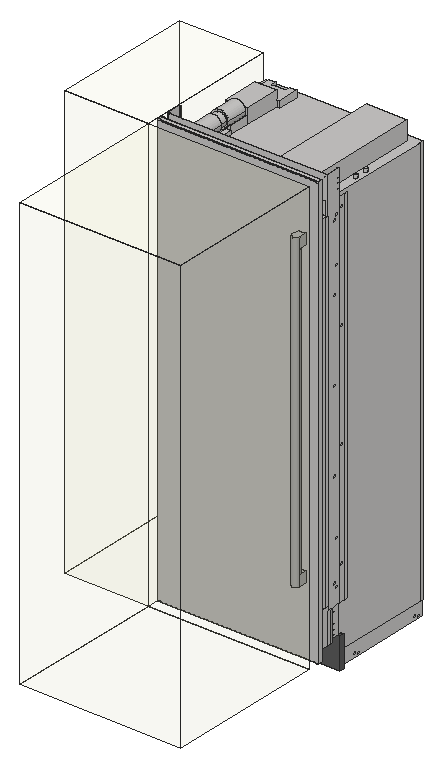
Revit family "P190780JX-221c_JKCPL301GL_StainlessSteel_JA_Refrigeration_Columns", category Specialty Equipment, Revit 2026
Family settings
  Round Connector Dimension = Use Diameter
  Part Type = Normal
  Work Plane-Based = No
  Enable Cutting in Views = No
  Always vertical = Yes
  Cut with Voids When Loaded = No
  Maintain Annotation Orientation = No
  Shared = No
  Room Calculation Point = No
Parameters (values of type "JKCPL301GL")
  Width = 29 3/4"
  Voltage = 0 V
  URL = ""
  Show Clearance [instance] = yes
  Model = "JKCPL301GL"
  Manufacturer = "Jenn Air"
  Wheel Material = ARCAT - Plastic - Black
  Installation-Fabrication = ""
  Height = 83 7/16"
  Handle Material = ARCAT - Metal - Steel - Gray
  Feature 3 = ""
  Feature 2 = ""
  Feature 1 = ""
  Family Name = "30\" Column Panel Kits - JBRFL30IGX/JBZFL30IGX"
  Energy Guide = ""
  Drawn By = ""
  Door Material = ARCAT - Metal - Steel - Stainless
  Dimension Guide = ""
  Description = ""
  Depth = 26 5/8"
  Default Elevation = 0"
  Copyright = ""
  Clearance Material = ARCAT - Clearance
  Body Material = ARCAT - Metal - Steel - Stainless
  Amps = 0 A
  Accent Material = ARCAT - Metal - Steel - Black
Reference planes (in)
  plane 1 "Center (Front/Back)": y = 0
  plane 2: z = 0
  plane 3 "Center (Left/Right)": x = 0
  plane 4: y = -26.625
  plane 5: x = -14.875
  plane 6: x = 14.875
  plane 7: z = 83.4375
Forms (in)
  Extrusion 1, solid, material "ARCAT - Metal - Steel - Stainless" <- "Door Material"
    sketch origin (-8.875, 5, 48) x (0, 1, 0) y (0, 0, 1)
      loop
        arc (-29.5, -44.5625) -> (-29.48169, -44.60669) -> (-29.4375, -44.625) r 0.0625
        line (-29.4375, -44.625) -> (-28.75, -44.625)
        arc (-28.75, -44.625) -> (-28.70581, -44.60669) -> (-28.6875, -44.5625) r 0.0625
        line (-28.6875, -44.5625) -> (-28.6875, 35.1875)
        arc (-28.6875, 35.1875) -> (-28.70581, 35.23169) -> (-28.75, 35.25) r 0.0625
        line (-28.75, 35.25) -> (-29.4375, 35.25)
        arc (-29.4375, 35.25) -> (-29.48169, 35.23169) -> (-29.5, 35.1875) r 0.0625
        line (-29.5, 35.1875) -> (-29.5, -44.5625)
    from -6 to 23.75
  Extrusion 2, solid, material "ARCAT - Metal - Steel - Stainless" <- "Body Material"
    sketch origin (-65.7262, -180.75, 3) x (-1, 0, 0) y (0, -1, 0)
      loop
        line (-51.17151, -180.75) -> (-51.17151, -158.625) -> (-80.28089, -158.625) -> (-80.28089, -180.75) -> (-51.17151, -180.75)
    from 0.1497 to 76.14638
  Extrusion 3, solid, material "ARCAT - Metal - Steel - Stainless" <- "Body Material"
    sketch origin (14.15625, 19.833, 48) x (0, 1, 0) y (0, 0, 1)
      loop
        line (-20.11425, -44.8503) -> (-38.40962, -44.8503) -> (-38.40962, -47.4375) -> (-20.11425, -47.4375) -> (-20.11425, -44.8503)
    from -28.71094 to 0.39844
  Extrusion 4, solid, material "ARCAT - Metal - Steel - Stainless" <- "Body Material"
    sketch origin (14.15625, -0.25, 0.5) x (0, 0, 1) y (1, 0, 0)
      loop
        circle (1.25, -14.15625) r 0.25
    from 0 to -0.03125
  Extrusion 5, void
    sketch origin (11.8125, -0.75, 3) x (0, 1, 0) y (0, 0, -1)
      loop
        line (-21.375, -0.1497) -> (-21.375, -8.18519) -> (-19.14435, -8.18519) -> (-19.14435, -2.99196) -> (-17.94092, -2.99196) -> (-17.94092, -0.1497) -> (-21.375, -0.1497)
    from -2.96875 to 26.59375
  Extrusion 6, solid, material "ARCAT - Metal - Steel - Black" <- "Accent Material"
    sketch origin (14.15625, 22.77844, 48) x (0, 1, 0) y (0, 0, 1)
      loop
        line (-41.56342, -42.22131) -> (-42.28911, -42.22131) -> (-42.28911, -48) -> (-41.56342, -48) -> (-41.56342, -42.22131)
    from -29.03125 to 0.71875
  Extrusion 7, solid, material "ARCAT - Metal - Steel - Stainless" <- "Body Material"
    sketch origin (-11.8125, -1.38965, 4.65319) x (0, -1, 0) y (0, 0, 1)
      loop
        line (18.50469, 1.49688) -> (19.69686, 1.49688) -> (19.69686, 6.532) -> (18.50469, 6.532) -> (18.50469, 1.49688)
    from -26.59375 to 2.96875
  Extrusion 8, solid, material "ARCAT - Metal - Steel - Stainless" <- "Body Material"
    sketch origin (0, 0, 0) x (1, 0, 0) y (0, 1, 0)
      loop
        arc (-14.28125, -21.08651) -> (-14.6348, -21.23296) -> (-14.78125, -21.58651) r 0.5
        line (-14.78125, -21.58651) -> (-14.78125, -22.36974) -> (14.78125, -22.36974) -> (14.78125, -21.58651)
        arc (14.78125, -21.58651) -> (14.6348, -21.23296) -> (14.28125, -21.08651) r 0.5
        line (14.28125, -21.08651) -> (-14.28125, -21.08651)
    from 5.45353 to 11.18519
  Extrusion 9, solid, material "ARCAT - Metal - Steel - Stainless" <- "Body Material"
    sketch origin (0, 20.26885, 5.25269) x (0, 1, 0) y (-1, 0, 0)
      loop
        line (-42.63859, 14.78125) -> (-43.95635, 14.78125) -> (-43.95635, -14.78125) -> (-42.63859, -14.78125) -> (-42.63859, 14.78125)
    from 0.20085 to 6.53891
  Extrusion 10, solid, material "ARCAT - Metal - Steel - Stainless" <- "Body Material"
    sketch origin (-7.375, -22.125, 13.7122) x (0, -1, 0) y (1, 0, 0)
      loop
        line (0.24474, -7.40625) -> (0.70727, -7.40625) -> (0.70727, -7.35684) -> (1.4367, -7.35684) -> (1.4367, 22.10684) -> (0.70727, 22.10684) -> (0.70727, 22.15625) -> (0.24474, 22.15625) -> (0.24474, -7.40625)
    from -1.9206 to 62.81568
  Extrusion 11, solid, material "ARCAT - Metal - Steel - Stainless" <- "Body Material"
    sketch origin (-65.9762, -180.75, 79.14638) x (-1, 0, 0) y (0, -1, 0)
      loop
        circle (-52.32343, -168.74526) r 0.29688
    from 0 to 0.49818
  Extrusion 12, solid, material "ARCAT - Metal - Steel - Stainless" <- "Body Material"
    sketch origin (-65.9762, -183.0625, 79.14638) x (-1, 0, 0) y (0, -1, 0)
      loop
        circle (-52.32343, -168.74526) r 0.29688
    from 0 to 0.49818
  Extrusion 13, solid, material "ARCAT - Metal - Steel - Stainless" <- "Body Material"
    sketch origin (-65.7262, -180.75, 79.14638) x (-1, 0, 0) y (0, -1, 0)
      loop
        line (-51.27747, -160.94323) -> (-51.27747, -161.00573) -> (-50.94495, -161.00573) -> (-50.94495, -158.38026) -> (-80.50745, -158.38026) -> (-80.50745, -161.00573) -> (-80.17493, -161.00573) -> (-80.17493, -160.94323) -> (-80.44437, -160.94323) -> (-80.44437, -158.44276) -> (-51.00803, -158.44276) -> (-51.00803, -160.94323) -> (-51.27747, -160.94323)
    from 0 to 4.29112
  Extrusion 14, void
    sketch origin (-65.7262, -180.75, 79.14638) x (0, -1, 0) y (-1, 0, 0)
      loop
        line (-180.75, -51.17151) -> (-180.75, -51.20366) -> (-179.95, -51.20366) -> (-179.95, -51.17151) -> (-180.75, -51.17151)
    from 0 to 75.99668
  Extrusion 15, void
    sketch origin (65.7262, -180.75, 79.14638) x (0, 1, 0) y (1, 0, 0)
      loop
        line (180.75, -51.17151) -> (179.95, -51.17151) -> (179.95, -51.20366) -> (180.75, -51.20366) -> (180.75, -51.17151)
    from 0 to 75.99668
  Extrusion 16, void
    sketch origin (-8.78414, 0, 3.6497) x (-1, 0, 0) y (0, 0, -1)
      loop
        line (-22.36539, 0) -> (-22.36539, -7.5) -> (4.79711, -7.5) -> (4.79711, 0) -> (-22.36539, 0)
    from 0 to 0.75
  Extrusion 17, solid, material "ARCAT - Metal - Steel - Stainless" <- "Body Material"
    sketch origin (8.50724, 5.03125, 48.65556) x (0, 1, 0) y (0, 0, 1)
      loop
        line (-5.78125, -45.00586) -> (-5.28417, -45.00586)
        arc (-5.28417, -45.00586) -> (-5.03125, -44.75294) -> (-5.28417, -44.50002) r 0.25292
        line (-5.28417, -44.50002) -> (-5.78125, -44.50002) -> (-5.78125, -45.00586)
    from -22.08849 to 5.07401
  Extrusion 18, solid, material "ARCAT - Metal - Steel - Stainless" <- "Door Material"
    sketch origin (14.15625, -0.28125, 0.5) x (0, 0, 1) y (1, 0, 0)
      loop
        circle (1.40775, -1.36696) r 0.11328
      loop
        circle (1.89067, -2.14884) r 0.11328
      loop
        circle (2.16677, -12.81768) r 0.11328
      loop
        circle (1.40775, -26.94554) r 0.11328
      loop
        circle (1.89067, -26.16366) r 0.11328
      loop
        circle (0.41677, -12.81768) r 0.11328
    from 0 to 0.01563
  Extrusion 19, solid, material "ARCAT - Metal - Steel - Stainless" <- "Body Material"
    sketch origin (-8.78414, 0, 3) x (1, 0, 0) y (0, 0, -1)
      loop
        circle (22.95126, -0.48474) r 0.11344
      loop
        circle (-5.38298, -0.48474) r 0.11328
    from 0 to 0.01563
  Extrusion 20, void
    sketch origin (-14.73184, -22.83227, 13.7122) x (0, 1, 0) y (0, 0, 1)
      loop
        line (-0.72942, -1.9206) -> (0.46253, -1.9206) -> (0.46253, 0) -> (-0.72942, 0) -> (-0.72942, -1.9206)
    from -0.04941 to 1.98173
  Extrusion 21, solid, material "ARCAT - Metal - Steel - Stainless" <- "Body Material"
    sketch origin (11.8125, -18.69092, 3) x (0, 0, 1) y (-1, 0, 0)
      loop
        line (-2.4375, 26.36719) -> (-2.4375, 25.31553) -> (-2.90359, 25.31553) -> (-2.90359, 22.74487) -> (-2.4375, 22.74487) -> (-2.4375, 14.1897) -> (-2.57098, 14.1897) -> (-2.57098, 13.78067) -> (-3, 13.78067) -> (-3, 13.34317) -> (-2.50771, 13.34317) -> (-2.50771, 10.28183) -> (-3, 10.28183) -> (-3, 9.84433) -> (-2.57098, 9.84433) -> (-2.57098, 9.4353) -> (-2.4375, 9.4353) -> (-2.4375, 0.88013) -> (-2.90359, 0.88013) -> (-2.90359, -1.69053) -> (-2.4375, -1.69053) -> (-2.4375, -2.74219) -> (0.1497, -2.74219) -> (0.1497, 26.36719) -> (-2.4375, 26.36719)
    from 0 to -0.1143
  Extrusion 22, solid, material "ARCAT - Metal - Steel - Stainless" <- "Body Material"
    sketch origin (65.9762, -180.75, 79.14638) x (1, 0, 0) y (0, 1, 0)
      loop
        circle (-52.32343, 168.74526) r 0.29688
    from 0 to 0.49818
  Extrusion 23, solid, material "ARCAT - Metal - Steel - Stainless" <- "Body Material"
    sketch origin (65.9762, -183.0625, 79.14638) x (1, 0, 0) y (0, 1, 0)
      loop
        circle (-52.32343, 168.74526) r 0.29688
    from 0 to 0.49818
  Extrusion 24, solid, material "ARCAT - Metal - Steel - Stainless" <- "Door Material"
    sketch origin (-14.97164, -0.75, 3.6497) x (1, 0, 0) y (0, 0, -1)
      loop
        circle (17.43617, -5.66173) r 0.11328
      loop
        circle (17.43617, -2.91173) r 0.11328
    from 0 to 0.03125
  Extrusion 25, solid, material "ARCAT - Metal - Steel - Stainless" <- "Body Material"
    sketch origin (14.55469, 19.833, 48) x (0, 1, 0) y (0, 0, 1)
      loop
        circle (-34.87046, -47.00579) r 0.16524
    from 0 to 0.01563
  Extrusion 26, solid, material "ARCAT - Metal - Steel - Stainless" <- "Body Material"
    sketch origin (14.55469, 19.833, 48) x (0, 1, 0) y (0, 0, 1)
      loop
        circle (-35.74546, -46.66204) r 0.16524
    from 0 to 0.01563
  Extrusion 27, solid, material "ARCAT - Metal - Steel - Stainless" <- "Body Material"
    sketch origin (14.55469, 19.833, 48) x (0, 1, 0) y (0, 0, 1)
      loop
        circle (-20.98476, -47.00579) r 0.16524
    from 0 to 0.01563
  Extrusion 28, solid, material "ARCAT - Metal - Steel - Stainless" <- "Body Material"
    sketch origin (14.55469, 19.833, 48) x (0, 1, 0) y (0, 0, 1)
      loop
        circle (-21.85976, -46.66204) r 0.16524
    from 0 to 0.01563
  Extrusion 29, solid, material "ARCAT - Metal - Steel - Stainless" <- "Body Material"
    sketch origin (14.58594, -19.37083, 76.01402) x (0, 1, 0) y (0, 0, 1)
      loop
        circle (0.42182, 0.77541) r 0.18645
      loop
        circle (0.42182, -18.97459) r 0.18645
      loop
        circle (0.42182, -38.66194) r 0.18645
      loop
        circle (0.42182, -58.50402) r 0.18645
    from 0 to 0.01563
  Extrusion 30, solid, material "ARCAT - Metal - Steel - Stainless" <- "Body Material"
    sketch origin (14.78067, -1.3584, 4.65319) x (0, -1, 0) y (0, 0, -1)
      loop
        circle (19.54131, -1.97258) r 0.11458
      loop
        circle (19.54131, -2.92071) r 0.11328
      loop
        circle (19.54131, -3.88545) r 0.11328
      loop
        circle (19.54131, -4.94795) r 0.11328
      loop
        circle (19.54131, -5.9167) r 0.11328
    from 0.00058 to 0.00781
  Extrusion 31, solid, material "ARCAT - Metal - Steel - Stainless" <- "Body Material"
    sketch origin (14.55469, 16.50089, 33.41734) x (0, -1, 0) y (0, 0, -1)
      loop
        circle (35.75118, 23.91102) r 0.04308
      loop
        circle (35.75118, 24.24744) r 0.04308
      loop
        circle (35.75118, 24.58386) r 0.04308
      loop
        circle (35.75118, 24.92028) r 0.04308
      loop
        circle (35.75118, 25.92954) r 0.04308
      loop
        circle (35.75118, 25.59312) r 0.04308
      loop
        circle (35.75118, 25.2567) r 0.04308
    from 0 to 0.01563
  Extrusion 32, solid, material "ARCAT - Metal - Steel - Stainless" <- "Body Material"
    sketch origin (-14.55469, 18.98925, 47.96875) x (0, -1, 0) y (0, 0, 1)
      loop
        circle (34.02671, -46.97454) r 0.16524
    from 0 to 0.01563
  Extrusion 33, solid, material "ARCAT - Metal - Steel - Stainless" <- "Body Material"
    sketch origin (-14.55469, 18.11425, 48.3125) x (0, -1, 0) y (0, 0, 1)
      loop
        circle (34.02671, -46.97454) r 0.16524
    from 0 to 0.01563
  Extrusion 34, solid, material "ARCAT - Metal - Steel - Stainless" <- "Body Material"
    sketch origin (-14.55469, 32.98925, 47.96875) x (0, -1, 0) y (0, 0, 1)
      loop
        circle (34.14101, -46.97454) r 0.16524
    from 0 to 0.01563
  Extrusion 35, solid, material "ARCAT - Metal - Steel - Stainless" <- "Body Material"
    sketch origin (-14.55469, 32.11425, 48.3125) x (0, -1, 0) y (0, 0, 1)
      loop
        circle (34.14101, -46.97454) r 0.16524
    from 0 to 0.01563
  Extrusion 36, solid, material "ARCAT - Metal - Steel - Stainless" <- "Body Material"
    sketch origin (38.82082, 0, 76.01402) x (1, 0, 0) y (0, 1, 0)
      loop
        line (-53.40676, -19.74427) -> (-53.37551, -19.74427) -> (-53.37551, -18.18466) -> (-53.40767, -18.18466) -> (-53.40767, -17.6669) -> (-53.37551, -17.6669) -> (-53.37551, -17.63565) -> (-53.43801, -17.63565) -> (-53.43801, -18.21591) -> (-53.40676, -18.21591) -> (-53.40676, -19.74427)
    from -64.82883 to 2.47611
  Extrusion 37, solid, material "ARCAT - Metal - Steel - Stainless" <- "Body Material"
    sketch origin (38.82082, -2.379, 76.01402) x (1, 0, 0) y (0, 1, 0)
      loop
        line (-53.60207, -19.99074) -> (-53.37551, -19.99074) -> (-53.37551, -17.36527) -> (-53.60207, -17.36527) -> (-53.60207, -19.99074)
    from -64.82883 to 3.13236
  Extrusion 38, solid, material "ARCAT - Metal - Steel - Stainless" <- "Body Material"
    sketch origin (-14.78125, -62.50668, 76.04061) x (0, 1, 0) y (0, 0, -1)
      loop
        circle (42.04654, -0.07013) r 0.18626
      loop
        circle (41.65641, 0.72158) r 0.18626
      loop
        circle (42.04654, 8.3277) r 0.18626
      loop
        circle (41.65641, 13.11925) r 0.18626
      loop
        circle (41.65641, 28.16253) r 0.18626
      loop
        circle (41.65641, 43.21329) r 0.18626
      loop
        circle (42.04654, 53.5777) r 0.18626
      loop
        circle (42.04654, 61.73713) r 0.18626
      loop
        circle (41.65641, 60.93725) r 0.18626
      loop
        circle (42.4352, -6.04337) r 0.05584
      loop
        circle (42.4352, -5.10973) r 0.05584
      loop
        circle (42.4352, -4.12871) r 0.05584
      loop
        circle (40.72751, 4.36689) r 0.05584
      loop
        circle (40.72751, 13.73756) r 0.05584
      loop
        circle (40.72751, 23.14733) r 0.05584
      loop
        circle (40.72751, 32.44553) r 0.05584
      loop
        circle (40.72751, 41.85669) r 0.05584
      loop
        circle (40.72751, 51.23795) r 0.05584
      loop
        circle (40.72751, 60.3583) r 0.05584
    from 0 to 0.00781
  Extrusion 39, solid, material "ARCAT - Metal - Steel - Stainless" <- "Body Material"
    sketch origin (-14.78067, -1.3584, 4.65319) x (0, -1, 0) y (0, 0, 1)
      loop
        circle (19.54131, 1.97258) r 0.11458
      loop
        circle (19.54131, 2.92071) r 0.11328
      loop
        circle (19.54131, 3.88545) r 0.11328
      loop
        circle (19.54131, 4.94795) r 0.11328
      loop
        circle (19.54131, 5.9167) r 0.11328
    from 0.00058 to 0.00839
  Extrusion 40, solid, material "ARCAT - Metal - Steel - Stainless" <- "Body Material"
    sketch origin (-14.55469, 16.50089, 33.41734) x (0, -1, 0) y (0, 0, 1)
      loop
        circle (35.75118, -23.91102) r 0.04308
      loop
        circle (35.75118, -24.24744) r 0.04308
      loop
        circle (35.75118, -24.58386) r 0.04308
      loop
        circle (35.75118, -24.92028) r 0.04308
      loop
        circle (35.75118, -25.92954) r 0.04308
      loop
        circle (35.75118, -25.59312) r 0.04308
      loop
        circle (35.75118, -25.2567) r 0.04308
    from 0 to 0.01563
  Extrusion 41, void
    sketch origin (17.15968, -19.51067, 3) x (0, 0, 1) y (1, 0, 0)
      loop
        line (-1.48217, -15.85059) -> (-1.48217, -18.46877) -> (-1.0275, -18.46877) -> (-1.0275, -15.85059) -> (-1.48217, -15.85059)
    from 0 to 0.25
  Extrusion 42, solid, material "ARCAT - Metal - Steel - Black" <- "Accent Material"
    sketch origin (-6, 20.35479, 11.7916) x (0, 1, 0) y (-1, 0, 0)
      loop
        circle (-43.21307, 7.875) r 0.45676
    from 0.18059 to 1.74
  Extrusion 43, solid, material "ARCAT - Metal - Steel - Stainless" <- "Body Material"
    sketch origin (-13.375, -22.125, 13.7122) x (0, -1, 0) y (-1, 0, 0)
      loop
        line (0.24474, 1) -> (0.24474, -0.62489) -> (1.26157, -0.62489) -> (1.26157, 1) -> (0.24474, 1)
    from 0 to 0.18059
  Extrusion 44, solid, material "ARCAT - Metal - Steel - Stainless" <- "Body Material"
    sketch origin (-13.375, -22.125, 11.9722) x (0, -1, 0) y (-1, 0, 0)
      loop
        line (0.24474, 1) -> (0.24474, -0.62489) -> (1.26157, -0.62489) -> (1.26157, 1) -> (0.24474, 1)
    from 0 to 0.18059
  Extrusion 45, solid, material "ARCAT - Metal - Steel - Stainless" <- "Body Material"
    sketch origin (-13.24707, -23.51871, 48) x (1, 0, 0) y (0, 0, 1)
      loop
        line (-1.12793, -34.2878) -> (-1.12793, -36.2084) -> (0.49696, -36.2084) -> (0.49696, -34.2878) -> (-1.12793, -34.2878)
    from 0 to -0.13214
  Extrusion 46, void
    sketch origin (-20.00485, 85.82514, 0.65625) x (-1, 0, 0) y (0, 1, 0)
      loop
        line (-6.05408, -101.57746) -> (-8.40965, -101.57746) -> (-8.40965, -103.43933) -> (-6.05408, -103.43933) -> (-6.05408, -101.57746)
    from -1.0792 to 0.09375
  Extrusion 47, void
    sketch origin (-20.00485, 99.60729, 0.65625) x (-1, 0, 0) y (0, 1, 0)
      loop
        line (-6.05408, -101.57746) -> (-8.40965, -101.57746) -> (-8.40965, -103.43933) -> (-6.05408, -103.43933) -> (-6.05408, -101.57746)
    from -1.0792 to 0.09375
  Extrusion 48, solid, material "ARCAT - Plastic - Black" <- "Wheel Material"
    sketch origin (-13.34096, -8.96965, 48.15625) x (0, 1, 0) y (0, 0, -1)
      loop
        circle (-7.7183, 47.32881) r 0.82744
    from -0.125 to 0.5
  Extrusion 49, solid, material "ARCAT - Plastic - Black" <- "Wheel Material"
    sketch origin (-13.34096, 4.8125, 48.15625) x (0, 1, 0) y (0, 0, -1)
      loop
        circle (-7.7183, 47.32881) r 0.82744
    from -0.125 to 0.5
  Extrusion 50, solid, material "ARCAT - Plastic - Black" <- "Wheel Material"
    sketch origin (-12.21386, 4.8125, 48.15625) x (0, 1, 0) y (0, 0, 1)
      loop
        circle (-7.7183, -47.32881) r 0.82744
    from -0.125 to 0.5
  Extrusion 51, solid, material "ARCAT - Plastic - Black" <- "Wheel Material"
    sketch origin (-12.21386, -8.96965, 48.15625) x (0, 1, 0) y (0, 0, 1)
      loop
        circle (-7.7183, -47.32881) r 0.82744
    from -0.125 to 0.5
  Extrusion 52, solid, material "ARCAT - Plastic - Black" <- "Wheel Material"
    sketch origin (-12.92497, -8.96965, 48.32744) x (0, -1, 0) y (0, 0, -1)
      loop
        circle (7.7183, 47.5) r 0.08852
    from -0.29098 to 0.58611
  Extrusion 53, solid, material "ARCAT - Plastic - Black" <- "Wheel Material"
    sketch origin (-12.92497, 4.8125, 48.32744) x (0, -1, 0) y (0, 0, -1)
      loop
        circle (7.7183, 47.5) r 0.08852
    from -0.29098 to 0.58611
  Extrusion 54, void
    sketch origin (20.00485, 85.82514, 0.65625) x (-1, 0, 0) y (0, 1, 0)
      loop
        line (6.05408, -101.57746) -> (6.05408, -103.43933) -> (8.40965, -103.43933) -> (8.40965, -101.57746) -> (6.05408, -101.57746)
    from -1.0792 to 0.09375
  Extrusion 55, void
    sketch origin (20.00485, 99.60729, 0.65625) x (-1, 0, 0) y (0, 1, 0)
      loop
        line (6.05408, -101.57746) -> (6.05408, -103.43933) -> (8.40965, -103.43933) -> (8.40965, -101.57746) -> (6.05408, -101.57746)
    from -1.0792 to 0.09375
  Extrusion 56, solid, material "ARCAT - Plastic - Black" <- "Wheel Material"
    sketch origin (13.34096, -8.96965, 48.15625) x (0, 1, 0) y (0, 0, 1)
      loop
        circle (-7.7183, -47.32881) r 0.82744
    from -0.125 to 0.5
  Extrusion 57, solid, material "ARCAT - Plastic - Black" <- "Wheel Material"
    sketch origin (13.34096, 4.8125, 48.15625) x (0, 1, 0) y (0, 0, 1)
      loop
        circle (-7.7183, -47.32881) r 0.82744
    from -0.125 to 0.5
  Extrusion 58, solid, material "ARCAT - Plastic - Black" <- "Wheel Material"
    sketch origin (12.21386, 4.8125, 48.15625) x (0, 1, 0) y (0, 0, -1)
      loop
        circle (-7.7183, 47.32881) r 0.82744
    from -0.125 to 0.5
  Extrusion 59, solid, material "ARCAT - Plastic - Black" <- "Wheel Material"
    sketch origin (12.21386, -8.96965, 48.15625) x (0, 1, 0) y (0, 0, -1)
      loop
        circle (-7.7183, 47.32881) r 0.82744
    from -0.125 to 0.5
  Extrusion 60, solid, material "ARCAT - Plastic - Black" <- "Wheel Material"
    sketch origin (12.62985, -8.96965, 48.32744) x (0, -1, 0) y (0, 0, -1)
      loop
        circle (7.7183, 47.5) r 0.08852
    from -0.29098 to 0.58611
  Extrusion 61, solid, material "ARCAT - Plastic - Black" <- "Wheel Material"
    sketch origin (12.62985, 4.8125, 48.32744) x (0, -1, 0) y (0, 0, -1)
      loop
        circle (7.7183, 47.5) r 0.08852
    from -0.29098 to 0.58611
  Extrusion 62, void
    sketch origin (-8.875, -24.5, 3.85938) x (0, 0, -1) y (-1, 0, 0)
      loop
        line (-79.39062, 5.70903) -> (-79.39062, -23.45903) -> (-79.20312, -23.45903) -> (-79.20312, 5.70903) -> (-79.39062, 5.70903)
    from 2.13026 to 2.19276
  Extrusion 63, solid, material "ARCAT - Metal - Steel - Stainless" <- "Body Material"
    sketch origin (5.21711, -20.63895, 51.13236) x (0, 1, 0) y (0, 0, 1)
      loop
        line (-1.48605, 31.56324) -> (-1.48605, 28.01402) -> (19.29964, 28.01402) -> (19.29964, 31.56324) -> (-1.48605, 31.56324)
    from -0.04094 to 7.53289
  Extrusion 64, solid, material "ARCAT - Metal - Steel - Stainless" <- "Body Material"
    sketch origin (-10.3602, -11.84646, 80.83388) x (0, 0, -1) y (-1, 0, 0)
      loop
        line (1.02266, -1.14265) -> (1.02266, -1.9671) -> (1.6875, -1.9671) -> (1.6875, 1.9671) -> (1.02266, 1.9671) -> (1.02266, 1.14265)
        arc (1.02266, 1.14265) -> (1.47264, 0) -> (1.02266, -1.14265) r 1.67577
    from -5.86193 to -3.89572
  Revolve 65, solid, material "ARCAT - Metal - Steel - Stainless" <- "Body Material"
    sketch origin (-6.09375, 84.32514, 81.05263) x (0, 1, 0) y (-1, 0, 0)
      loop
        arc (-105.57079, 5.68558) -> (-105.73682, 5.61681) -> (-105.80559, 5.45078) r 0.2348
        line (-105.80559, 5.45078) -> (-105.80559, 4.26645) -> (-96.20526, 4.26645) -> (-96.20526, 5.80159) -> (-100.17288, 5.80159) -> (-100.17288, 5.47346) -> (-101.62545, 5.47346) -> (-101.62545, 5.68558) -> (-105.57079, 5.68558)
      axis (-96.20526, 4.26645) -> (-105.80559, 4.26645)
    angle from 180 to -180
  Extrusion 66, solid, material "ARCAT - Metal - Steel - Stainless" <- "Body Material"
    sketch origin (-10.3602, -9.72498, 80.83388) x (0, 0, -1) y (-1, 0, 0)
      loop
        line (0.29913, -1.9671) -> (1.6875, -1.9671) -> (1.6875, 1.9671) -> (0.29913, 1.9671) -> (0.29913, 1.59873)
        arc (0.29913, 1.59873) -> (1.47264, 0) -> (0.29913, -1.59873) r 1.67577
        line (0.29913, -1.59873) -> (0.29913, -1.9671)
    from -5.95383 to -2.27502
  Extrusion 67, solid, material "ARCAT - Metal - Steel - Stainless" <- "Body Material"
    sketch origin (-6.03125, 78.04148, 3.63236) x (0, 1, 0) y (-1, 0, 0)
      loop
        line (-83.25427, 6.33556) -> (-89.9216, 6.33556) -> (-89.9216, 2.33556) -> (-83.25427, 2.33556) -> (-83.25427, 6.33556)
    from 75.51402 to 78.24135
  Extrusion 68, solid, material "ARCAT - Metal - Steel - Stainless" <- "Body Material"
    sketch origin (38.78176, -0.53366, 79.14638) x (1, 0, 0) y (0, 1, 0)
      loop
        line (-51.63225, -4.67913) -> (-46.52666, -4.67913) -> (-46.52666, -0.80565) -> (-47.77666, -0.80565) -> (-47.77666, -1.65904) -> (-50.38225, -1.65904) -> (-50.38225, -0.80565) -> (-51.63225, -0.80565) -> (-51.63225, -4.67913)
    from 0 to 1.2278
  Extrusion 69, solid, material "ARCAT - Metal - Steel - Stainless" <- "Body Material"
    sketch origin (14.78067, -62.50668, 75.79061) x (0, 1, 0) y (0, 0, 1)
      loop
        circle (42.04654, 0.32013) r 0.18626
      loop
        circle (41.65641, -0.47158) r 0.18626
      loop
        circle (42.04654, -8.0777) r 0.18626
      loop
        circle (41.65641, -12.86925) r 0.18626
      loop
        circle (41.65641, -27.91253) r 0.18626
      loop
        circle (41.65641, -42.96329) r 0.18626
      loop
        circle (42.04654, -53.3277) r 0.18626
      loop
        circle (42.4352, 6.29337) r 0.05584
      loop
        circle (42.4352, 5.35973) r 0.05584
      loop
        circle (42.4352, 4.37871) r 0.05584
      loop
        circle (40.72751, -4.11689) r 0.05584
      loop
        circle (40.72751, -13.48756) r 0.05584
      loop
        circle (40.72751, -22.89733) r 0.05584
      loop
        circle (40.72751, -32.19553) r 0.05584
      loop
        circle (40.72751, -41.60669) r 0.05584
      loop
        circle (40.72751, -50.98795) r 0.05584
      loop
        circle (42.04654, -61.48713) r 0.18626
      loop
        circle (41.65641, -60.68725) r 0.18626
      loop
        circle (40.72751, -60.1083) r 0.05584
    from 0.00058 to 0.00781
  Extrusion 70, solid, material "ARCAT - Metal - Steel - Stainless" <- "Body Material"
    sketch origin (-14.58594, -19.37083, 76.27835) x (0, 1, 0) y (0, 0, -1)
      loop
        circle (0.42182, -0.51107) r 0.18645
      loop
        circle (0.42182, 19.23893) r 0.18645
      loop
        circle (0.42182, 38.92628) r 0.18645
      loop
        circle (0.42182, 58.76836) r 0.18645
    from 0 to 0.01563
  Extrusion 71, solid, material "ARCAT - Metal - Steel - Black" <- "Accent Material"
    sketch origin (-6, 20.35479, 76.52788) x (0, 1, 0) y (-1, 0, 0)
      loop
        circle (-43.21307, 7.875) r 0.45676
    from 0.18059 to 1.77475
  Extrusion 72, solid, material "ARCAT - Metal - Steel - Stainless" <- "Body Material"
    sketch origin (-13.375, -22.125, 78.44848) x (0, -1, 0) y (-1, 0, 0)
      loop
        line (0.24474, 1) -> (0.24474, -0.62489) -> (1.26157, -0.62489) -> (1.26157, 1) -> (0.24474, 1)
    from -0.04165 to 0.14585
  Extrusion 73, solid, material "ARCAT - Metal - Steel - Stainless" <- "Body Material"
    sketch origin (-13.375, -22.125, 76.70847) x (0, -1, 0) y (-1, 0, 0)
      loop
        line (0.24474, 1) -> (0.24474, -0.62489) -> (1.26157, -0.62489) -> (1.26157, 1) -> (0.24474, 1)
    from 0 to 0.18059
  Extrusion 74, solid, material "ARCAT - Metal - Steel - Stainless" <- "Body Material"
    sketch origin (-13.24707, -23.51871, 112.73628) x (1, 0, 0) y (0, 0, 1)
      loop
        line (-1.12793, -34.24615) -> (-1.12793, -36.2084) -> (0.49696, -36.2084) -> (0.49696, -34.24615) -> (-1.12793, -34.24615)
    from 0 to -0.13214
  Extrusion 75, solid, material "ARCAT - Metal - Steel - Stainless" <- "Body Material"
    sketch origin (4.99575, -22.125, 82.16309) x (0, 0, 1) y (-1, 0, 0)
      loop
        line (-0.41439, -0.18042) -> (-0.41439, 0.45776) -> (-1.48076, 0.45776) -> (-1.48076, -0.18042) -> (-0.41439, -0.18042)
    from 0 to -0.03125
  Extrusion 76, solid, material "ARCAT - Metal - Steel - Stainless" <- "Body Material"
    sketch origin (-38.82082, 0, 76.01402) x (-1, 0, 0) y (0, -1, 0)
      loop
        line (-53.40676, 19.74427) -> (-53.40676, 18.21591) -> (-53.43801, 18.21591) -> (-53.43801, 17.63565) -> (-53.37551, 17.63565) -> (-53.37551, 17.6669) -> (-53.40767, 17.6669) -> (-53.40767, 18.18466) -> (-53.37551, 18.18466) -> (-53.37551, 19.74427) -> (-53.40676, 19.74427)
    from -64.82883 to 2.47611
  Extrusion 77, solid, material "ARCAT - Metal - Steel - Stainless" <- "Body Material"
    sketch origin (-38.82082, -2.379, 76.01402) x (-1, 0, 0) y (0, -1, 0)
      loop
        line (-53.60207, 19.99074) -> (-53.60207, 17.36527) -> (-53.37551, 17.36527) -> (-53.37551, 19.99074) -> (-53.60207, 19.99074)
    from -64.82883 to 3.13236
  Extrusion 78, solid, material "ARCAT - Clearance" <- "Clearance Material", visible <- "Show Clearance", detail levels medium+fine
    sketch origin (-20.02372, -21.73007, 27.5) x (1, 0, 0) y (0, 1, 0)
      loop
        line (5.14872, -4.89493) -> (5.14872, -34.70743) -> (34.89872, -34.70743) -> (34.89872, -4.89493) -> (5.14872, -4.89493)
    from -24.125 to 55.9375
  Extrusion 79, solid, material "ARCAT - Metal - Steel - Gray" <- "Handle Material"
    sketch origin (18.13781, -27.47786, 48.48744) x (-1, 0, 0) y (0, -1, 0)
      loop
        circle (6.32779, -1.54031) r 0.68744
    from -32.48744 to 25.45006
  Extrusion 80, solid, material "ARCAT - Metal - Steel - Gray" <- "Handle Material"
    sketch origin (40.24673, -180, 73.9375) x (1, 0, 0) y (0, 1, 0)
      loop
        arc (-29.12415, 154.06244) -> (-28.4367, 154.74989) -> (-27.74926, 154.06244) r 0.68744
        line (-27.74926, 154.06244) -> (-27.74926, 155.5) -> (-29.12415, 155.5) -> (-29.12415, 154.06244)
    from -2 to 0
  Extrusion 81, solid, material "ARCAT - Metal - Steel - Gray" <- "Handle Material"
    sketch origin (40.24673, -180, 18) x (1, 0, 0) y (0, 1, 0)
      loop
        arc (-29.12415, 154.06244) -> (-28.4367, 154.74989) -> (-27.74926, 154.06244) r 0.68744
        line (-27.74926, 154.06244) -> (-27.74926, 155.5) -> (-29.12415, 155.5) -> (-29.12415, 154.06244)
    from -2 to 0
  Extrusion 82, solid, material "ARCAT - Clearance" <- "Clearance Material", visible <- "Show Clearance", detail levels medium+fine
    sketch origin (-14.07003, -21.66757, 27.5) x (-1, 0, 0) y (0, -1, 0)
      loop
        line (0.80497, -21.66757) -> (16.30497, -21.66757) -> (16.30497, 4.95743) -> (0.80497, 4.95743) -> (0.80497, -21.66757)
    from -24.125 to 55.9375
Cuts and joins
  Extrusion 5, Extrusion 14, Extrusion 15, Extrusion 16 cuts Extrusion 2
  Extrusion 5, Extrusion 15, Extrusion 46, Extrusion 47, Extrusion 54, Extrusion 55 cuts Extrusion 3
  Extrusion 5, Extrusion 20 cuts Extrusion 1
  Extrusion 20, Extrusion 62 cuts Extrusion 13
  joined: Extrusion 13, Extrusion 37, Extrusion 77
  Extrusion 20 cuts Extrusion 9
  Extrusion 20 cuts Extrusion 10
  Extrusion 41 cuts Extrusion 6
  joined: Extrusion 79, Extrusion 80, Extrusion 81
Lines and regions (in)
  symbolic lines, style "SpecialityEquipment"
    curve 1: line (-14.875, 0, 0) -> (14.875, 0, 0)
    curve 2: line (-14.875, -24.5, 0) -> (-14.875, 0, 0)
    curve 3: line (14.875, -24.5, 0) -> (-14.875, -24.5, 0)
    curve 4: line (14.875, 0, 0) -> (14.875, -24.5, 0)
    curve 17: line (12.49747, -25.93756, 47.02904) -> (12.49747, -24.5, 47.02904)
    curve 18: line (11.12258, -24.5, 47.02904) -> (11.12258, -25.93756, 47.02904)
    curve 19: arc (11.12258, -25.93756, 47.02904) -> (11.81003, -26.625, 47.02904) -> (12.49747, -25.93756, 47.02904) r 0.68744
  model lines
    curve 5: line (14.55469, -19.74427, 11.18519) -> (14.55469, -17.89435, 11.18519)
    curve 6: line (14.55469, -17.89435, 11.18519) -> (14.55469, -17.89435, 9.85276)
    curve 7: line (14.55469, -17.89435, 9.85276) -> (14.55469, -19.39435, 9.85276)
    curve 8: line (14.55469, -19.39435, 9.85276) -> (14.55469, -19.39435, 7.1865)
    curve 9: line (14.55469, -19.39435, 7.1865) -> (14.55469, -17.89435, 7.1865)
    curve 10: line (14.55469, -17.89435, 7.1865) -> (14.55469, -17.89435, 3.1497)
    curve 11: line (-14.55469, -19.74427, 11.18519) -> (-14.55469, -17.89435, 11.18519)
    curve 12: line (-14.55469, -17.89435, 11.18519) -> (-14.55469, -17.89435, 9.85276)
    curve 13: line (-14.55469, -17.89435, 9.85276) -> (-14.55469, -19.39435, 9.85276)
    curve 14: line (-14.55469, -19.39435, 9.85276) -> (-14.55469, -19.39435, 7.1865)
    curve 15: line (-14.55469, -19.39435, 7.1865) -> (-14.55469, -17.89435, 7.1865)
    curve 16: line (-14.55469, -17.89435, 7.1865) -> (-14.55469, -17.89435, 3.1497)
Dimensions and locks (in)
  "Depth": plane 4 to plane 1 "Center (Front/Back)"
  equal spacing: plane 5, plane 3 "Center (Left/Right)", plane 6
  "Width": plane 5 to plane 6
  "Height": plane 7 to level
  aligned and locked: plane 2 to level
Automatic sketch dimensions
  curve 3 to plane 5 = 0"
  curve 3 to plane 6 = 0"
  plane 1 "Center (Front/Back)" to curve 2 = 0"
  curve 4 to plane 4 = 2 1/8"
  Extrusion 1 sketch curve to plane 4 = 2 1/8"
  Extrusion 1 sketch curve to Extrusion 1 sketch curve = 1/16"  (x3)
  Extrusion 1 sketch curve to Extrusion 1 sketch curve = 11/16"  (x2)
  level to Extrusion 1 sketch curve = 3 3/8"
  plane 1 "Center (Front/Back)" to Extrusion 2 sketch curve = 0"
  Extrusion 2 sketch curve to plane 6 = 41/128"
  plane 5 to Extrusion 2 sketch curve = 41/128"
  Extrusion 2 sketch curve to plane 4 = 4 1/2"
  level to Extrusion 3 sketch curve = 3.1497"
  Extrusion 3 sketch curve to plane 4 = 8.04838"
  plane 1 "Center (Front/Back)" to Extrusion 3 sketch curve = 9/32"
  level to Extrusion 3 sketch curve = 9/16"
  Extrusion 4 sketch curve to plane 3 "Center (Left/Right)" = 0"
  level to Extrusion 4 sketch curve = 1 3/4"
  Extrusion 5 sketch curve to plane 4 = 4 1/2"
  Extrusion 5 sketch curve to Extrusion 5 sketch curve = 2.23065"
  Extrusion 5 sketch curve to Extrusion 5 sketch curve = 1.20342"
  level to Extrusion 5 sketch curve = 11.18519"
  Extrusion 5 sketch curve to Extrusion 5 sketch curve = 5.19323"
  level to Extrusion 5 sketch curve = 3.1497"
  Extrusion 6 sketch curve to level = 0"
  Extrusion 6 sketch curve to plane 4 = 7.11433"
  Extrusion 6 sketch curve to Extrusion 6 sketch curve = 0.72569"
  level to Extrusion 6 sketch curve = 5.77869"
  Extrusion 7 sketch curve to plane 4 = 6.73065"
  Extrusion 7 sketch curve to Extrusion 7 sketch curve = 1.19217"
  level to Extrusion 7 sketch curve = 6.15008"
  Extrusion 7 sketch curve to Extrusion 7 sketch curve = 5.03511"
  plane 5 to Extrusion 8 sketch curve = 3/32"
  Extrusion 8 sketch curve to Extrusion 8 sketch curve = 1/2"
  Extrusion 8 sketch curve to plane 6 = 19/32"
  Extrusion 8 sketch curve to plane 6 = 3/32"
  Extrusion 8 sketch curve to plane 4 = 4.25526"
  Extrusion 8 sketch curve to Extrusion 8 sketch curve = 0.78323"
  plane 5 to Extrusion 9 sketch curve = 3/32"
  Extrusion 9 sketch curve to plane 4 = 2 15/16"
  Extrusion 9 sketch curve to Extrusion 9 sketch curve = 1.31776"
  Extrusion 9 sketch curve to plane 6 = 3/32"
  plane 5 to Extrusion 10 sketch curve = 3/32"
  Extrusion 10 sketch curve to plane 4 = 4.25526"
  plane 5 to Extrusion 10 sketch curve = 0.14316"
  Extrusion 10 sketch curve to Extrusion 10 sketch curve = 0.46253"  (x2)
  Extrusion 10 sketch curve to plane 6 = 0.14316"
  Extrusion 10 sketch curve to Extrusion 10 sketch curve = 0.72942"
  Extrusion 10 sketch curve to Extrusion 10 sketch curve = 0.04941"
  curve 18 to plane 4 = 0.68744"
  curve 18 to plane 6 = 3.75242"
  curve 18 to curve 19 = 0.68744"
  curve 19 to curve 18 = 1.43756"
  curve 18 to curve 17 = 0"
  Extrusion 11 sketch curve to Extrusion 2 = 0.90192"
  Extrusion 11 sketch curve to Extrusion 2 = 10.12026"
  Extrusion 12 sketch curve to Extrusion 2 = 0.90192"
  Extrusion 12 sketch curve to Extrusion 2 = 7.80776"
  Extrusion 2 to Extrusion 13 sketch curve = 29/128"
  Extrusion 13 sketch curve to Extrusion 13 sketch curve = 0.06308"  (x2)
  Extrusion 13 sketch curve to Extrusion 2 = 0.10596"  (x2)
  Extrusion 2 to Extrusion 13 sketch curve = 0.16349"
  Extrusion 13 sketch curve to Extrusion 2 = 2.38073"  (x2)
  Extrusion 13 sketch curve to Extrusion 13 sketch curve = 1/16"  (x3)
  Extrusion 2 to Extrusion 13 sketch curve = 0.18224"
  Extrusion 14 sketch curve to Extrusion 2 = 0"  (x2)
  Extrusion 14 sketch curve to Extrusion 14 sketch curve = 0.8"
  Extrusion 14 sketch curve to Extrusion 14 sketch curve = 0.03214"
  Extrusion 15 sketch curve to Extrusion 2 = 0"  (x2)
  Extrusion 15 sketch curve to Extrusion 2 = 0.03214"
  Extrusion 15 sketch curve to Extrusion 15 sketch curve = 0.8"
  Extrusion 16 sketch curve to plane 6 = 1.29375"
  plane 5 to Extrusion 16 sketch curve = 1.29375"
  level to Extrusion 16 sketch curve = 11.1497"
  level to Extrusion 16 sketch curve = 3.6497"
  plane 1 "Center (Front/Back)" to Extrusion 17 sketch curve = 3/4"
  plane 1 "Center (Front/Back)" to Extrusion 17 sketch curve = 0.25292"
  level to Extrusion 17 sketch curve = 3.6497"
  Extrusion 17 sketch curve to Extrusion 17 sketch curve = 0.25292"
  Extrusion 3 to Extrusion 18 sketch curve = 0.35427"
  Extrusion 3 to Extrusion 18 sketch curve = 1.24195"  (x2)
  Extrusion 3 to Extrusion 18 sketch curve = 0.75903"  (x2)
  Extrusion 3 to Extrusion 18 sketch curve = 0.48293"
  Extrusion 3 to Extrusion 18 sketch curve = 1.7654"
  Extrusion 18 sketch curve to Extrusion 18 sketch curve = 0.78188"  (x2)
  Extrusion 3 to Extrusion 18 sketch curve = 13.21612"
  Extrusion 18 sketch curve to Extrusion 18 sketch curve = 0"
  Extrusion 3 to Extrusion 18 sketch curve = 2.54728"
  Extrusion 19 sketch curve to Extrusion 2 = 0.38757"  (x2)
  Extrusion 2 to Extrusion 19 sketch curve = 0.33504"  (x2)
  Extrusion 20 sketch curve to Extrusion 10 = 0"
  Extrusion 10 to Extrusion 20 sketch curve = 0"
  Extrusion 10 to Extrusion 20 sketch curve = 0.46253"
  Extrusion 20 sketch curve to Extrusion 10 = 1.9206"
  Extrusion 21 sketch curve to Extrusion 5 = 0"
  Extrusion 21 sketch curve to Extrusion 5 = 2.5872"  (x2)
  Extrusion 5 to Extrusion 21 sketch curve = 1.27822"  (x2)
  Extrusion 21 sketch curve to Extrusion 21 sketch curve = 0"  (x2)
  Extrusion 21 sketch curve to Extrusion 21 sketch curve = 0.07021"
  Extrusion 21 sketch curve to Extrusion 21 sketch curve = 0.13348"  (x2)
  Extrusion 21 sketch curve to Extrusion 21 sketch curve = 0.46609"  (x2)
  Extrusion 21 sketch curve to Extrusion 21 sketch curve = 0.49229"
  Extrusion 21 sketch curve to Extrusion 21 sketch curve = 0.42902"
  Extrusion 5 to Extrusion 21 sketch curve = 29/128"  (x2)
  Extrusion 21 sketch curve to Extrusion 21 sketch curve = 2.57066"  (x2)
  Extrusion 21 sketch curve to Extrusion 21 sketch curve = 8.55517"
  Extrusion 21 sketch curve to Extrusion 21 sketch curve = 0.40902"  (x2)
  Extrusion 21 sketch curve to Extrusion 21 sketch curve = 7/16"  (x2)
  Extrusion 21 sketch curve to Extrusion 21 sketch curve = 3.06135"
  Extrusion 22 sketch curve to Extrusion 2 = 0.90192"
  Extrusion 22 sketch curve to Extrusion 2 = 10.12026"
  Extrusion 23 sketch curve to Extrusion 2 = 0.90192"
  Extrusion 23 sketch curve to Extrusion 2 = 7.80776"
  Extrusion 24 sketch curve to Extrusion 16 = 2.91173"
  Extrusion 24 sketch curve to Extrusion 16 = 11.11671"
  Extrusion 24 sketch curve to Extrusion 24 sketch curve = 0"
  Extrusion 24 sketch curve to Extrusion 16 = 1.83827"
  level to Extrusion 25 sketch curve = 0.99421"
  Extrusion 25 sketch curve to plane 4 = 11.58755"
  level to Extrusion 26 sketch curve = 1.33796"
  Extrusion 26 sketch curve to plane 4 = 10.71255"
  plane 1 "Center (Front/Back)" to Extrusion 27 sketch curve = 1.15176"
  level to Extrusion 27 sketch curve = 0.99421"
  plane 1 "Center (Front/Back)" to Extrusion 28 sketch curve = 2.02676"
  level to Extrusion 28 sketch curve = 1.33796"
  Extrusion 29 sketch curve to plane 4 = 7.67599"  (x4)
  level to Extrusion 29 sketch curve = 17.51"
  Extrusion 29 sketch curve to Extrusion 29 sketch curve = 19.84208"
  Extrusion 29 sketch curve to Extrusion 29 sketch curve = 19.68735"
  Extrusion 30 sketch curve to plane 4 = 5.72529"
  Extrusion 30 sketch curve to Extrusion 30 sketch curve = 0"  (x4)
  level to Extrusion 30 sketch curve = 10.56989"
  Extrusion 30 sketch curve to Extrusion 30 sketch curve = 31/32"
  Extrusion 30 sketch curve to Extrusion 30 sketch curve = 1 1/16"
  Extrusion 30 sketch curve to Extrusion 30 sketch curve = 0.96473"
  Extrusion 30 sketch curve to Extrusion 30 sketch curve = 0.94813"
  Extrusion 31 sketch curve to plane 4 = 7.37471"
  Extrusion 31 sketch curve to Extrusion 31 sketch curve = 0"  (x6)
  level to Extrusion 31 sketch curve = 9.50632"
  Extrusion 31 sketch curve to Extrusion 31 sketch curve = 0.33642"  (x6)
  curve 5 to plane 4 = 8.73065"
  curve 10 to curve 6 = 0"
  curve 9 to curve 9 = 1 1/2"
  level to curve 5 = 11.18519"
  curve 5 to curve 6 = 1.33243"
  curve 7 to curve 9 = 2.66626"
  curve 7 to curve 5 = 0.34992"
  level to curve 10 = 3.1497"
  level to Extrusion 32 sketch curve = 0.99421"
  Extrusion 32 sketch curve to plane 4 = 11.58755"
  level to Extrusion 33 sketch curve = 1.33796"
  Extrusion 33 sketch curve to plane 4 = 10.71255"
  plane 1 "Center (Front/Back)" to Extrusion 34 sketch curve = 1.15176"
  level to Extrusion 34 sketch curve = 0.99421"
  plane 1 "Center (Front/Back)" to Extrusion 35 sketch curve = 2.02676"
  level to Extrusion 35 sketch curve = 1.33796"
  plane 5 to Extrusion 36 sketch curve = 33/128"
  Extrusion 36 sketch curve to Extrusion 36 sketch curve = 0.03034"
  Extrusion 36 sketch curve to Extrusion 36 sketch curve = 1/32"  (x4)
  Extrusion 36 sketch curve to Extrusion 36 sketch curve = 0.03216"
  Extrusion 36 sketch curve to plane 4 = 6.88073"
  Extrusion 36 sketch curve to Extrusion 36 sketch curve = 1.52836"
  Extrusion 36 sketch curve to Extrusion 36 sketch curve = 0.51777"
  plane 5 to Extrusion 37 sketch curve = 3/32"
  Extrusion 37 sketch curve to Extrusion 37 sketch curve = 29/128"
  Extrusion 37 sketch curve to plane 4 = 4.25526"
  Extrusion 37 sketch curve to Extrusion 37 sketch curve = 2.62547"
  Extrusion 38 sketch curve to Extrusion 37 = 0.59057"  (x7)
  Extrusion 38 sketch curve to Extrusion 37 = 1.106"  (x4)
  Extrusion 38 sketch curve to Extrusion 38 sketch curve = 0.9289"
  Extrusion 38 sketch curve to Extrusion 37 = 0.71587"  (x4)
  Extrusion 38 sketch curve to Extrusion 37 = 0.32721"  (x3)
  Extrusion 38 sketch curve to Extrusion 37 = 2.9376"
  Extrusion 38 sketch curve to Extrusion 38 sketch curve = 0.93364"
  Extrusion 38 sketch curve to Extrusion 38 sketch curve = 0.98102"
  Extrusion 37 to Extrusion 38 sketch curve = 3.03564"
  Extrusion 38 sketch curve to Extrusion 38 sketch curve = 0.79171"
  Extrusion 38 sketch curve to Extrusion 38 sketch curve = 3.64531"
  Extrusion 38 sketch curve to Extrusion 38 sketch curve = 3.96081"
  Extrusion 38 sketch curve to Extrusion 38 sketch curve = 4.79155"
  Extrusion 38 sketch curve to Extrusion 38 sketch curve = 0.61831"
  Extrusion 38 sketch curve to Extrusion 38 sketch curve = 9.40977"
  Extrusion 38 sketch curve to Extrusion 38 sketch curve = 5.0152"
  Extrusion 38 sketch curve to Extrusion 38 sketch curve = 4.283"
  Extrusion 38 sketch curve to Extrusion 38 sketch curve = 9.41116"
  Extrusion 38 sketch curve to Extrusion 38 sketch curve = 1.3566"
  Extrusion 38 sketch curve to Extrusion 38 sketch curve = 8.02466"
  Extrusion 38 sketch curve to Extrusion 38 sketch curve = 2.33975"
  Extrusion 37 to Extrusion 38 sketch curve = 4.49713"
  Extrusion 38 sketch curve to Extrusion 38 sketch curve = 0.57895"
  Extrusion 38 sketch curve to Extrusion 38 sketch curve = 0.79989"
  Extrusion 39 sketch curve to plane 4 = 5.72529"
  Extrusion 39 sketch curve to Extrusion 39 sketch curve = 0"  (x4)
  level to Extrusion 39 sketch curve = 6.62577"
  Extrusion 39 sketch curve to Extrusion 39 sketch curve = 0.94813"
  Extrusion 39 sketch curve to Extrusion 39 sketch curve = 0.96473"
  Extrusion 39 sketch curve to Extrusion 39 sketch curve = 1 1/16"
  Extrusion 39 sketch curve to Extrusion 39 sketch curve = 31/32"
  Extrusion 40 sketch curve to plane 4 = 7.37471"
  Extrusion 40 sketch curve to Extrusion 40 sketch curve = 0"  (x6)
  level to Extrusion 40 sketch curve = 7.48781"
  Extrusion 40 sketch curve to Extrusion 40 sketch curve = 0.33642"  (x6)
  curve 11 to plane 4 = 8.73065"
  curve 16 to curve 12 = 0"
  curve 15 to curve 15 = 1 1/2"
  level to curve 16 = 7.1865"
  curve 14 to curve 14 = 2.66626"
  curve 12 to curve 11 = 1.33243"
  curve 13 to curve 11 = 0.34992"
  level to curve 16 = 3.1497"
  level to Extrusion 41 sketch curve = 1.51783"
  Extrusion 41 sketch curve to Extrusion 41 sketch curve = 0.45467"
  Extrusion 41 sketch curve to plane 3 "Center (Left/Right)" = 1.30909"
  plane 3 "Center (Left/Right)" to Extrusion 41 sketch curve = 1.30909"
  plane 5 to Extrusion 42 sketch curve = 1"
  Extrusion 42 sketch curve to plane 4 = 3.76671"
  plane 5 to Extrusion 43 sketch curve = 2.12489"
  Extrusion 43 sketch curve to plane 4 = 4.25526"
  plane 5 to Extrusion 43 sketch curve = 1/2"
  Extrusion 43 sketch curve to Extrusion 43 sketch curve = 1.01683"
  plane 5 to Extrusion 44 sketch curve = 2.12489"
  Extrusion 44 sketch curve to plane 4 = 4.25526"
  plane 5 to Extrusion 44 sketch curve = 1/2"
  Extrusion 44 sketch curve to Extrusion 44 sketch curve = 1.01683"
  plane 5 to Extrusion 45 sketch curve = 1/2"
  Extrusion 45 sketch curve to Extrusion 45 sketch curve = 1.62489"
  level to Extrusion 45 sketch curve = 11.7916"
  Extrusion 45 sketch curve to Extrusion 45 sketch curve = 1.9206"
  plane 5 to Extrusion 46 sketch curve = 3.2798"
  plane 5 to Extrusion 46 sketch curve = 0.92423"
  Extrusion 46 sketch curve to plane 4 = 10.87268"
  Extrusion 46 sketch curve to Extrusion 46 sketch curve = 1.86187"
  plane 5 to Extrusion 47 sketch curve = 3.2798"
  plane 5 to Extrusion 47 sketch curve = 0.92423"
  plane 1 "Center (Front/Back)" to Extrusion 47 sketch curve = 1.97017"
  Extrusion 47 sketch curve to Extrusion 47 sketch curve = 1.86187"
  Extrusion 48 sketch curve to Extrusion 48 sketch curve = 0"  (x2)
  level to Extrusion 48 sketch curve = 0.82744"
  Extrusion 48 sketch curve to plane 4 = 9.93705"
  Extrusion 48 sketch curve to Extrusion 48 sketch curve = 0.82744"
  Extrusion 49 sketch curve to Extrusion 49 sketch curve = 0"  (x2)
  level to Extrusion 49 sketch curve = 0.82744"
  plane 1 "Center (Front/Back)" to Extrusion 49 sketch curve = 2.9058"
  Extrusion 49 sketch curve to Extrusion 49 sketch curve = 0.82744"
  Extrusion 50 sketch curve to Extrusion 50 sketch curve = 0"  (x2)
  level to Extrusion 50 sketch curve = 0.82744"
  plane 1 "Center (Front/Back)" to Extrusion 50 sketch curve = 2.9058"
  Extrusion 50 sketch curve to Extrusion 50 sketch curve = 0.82744"
  Extrusion 51 sketch curve to Extrusion 51 sketch curve = 0"  (x2)
  level to Extrusion 51 sketch curve = 0.82744"
  Extrusion 51 sketch curve to plane 4 = 9.93705"
  Extrusion 51 sketch curve to Extrusion 51 sketch curve = 0.82744"
  level to Extrusion 52 sketch curve = 0.82744"
  Extrusion 52 sketch curve to plane 4 = 9.93705"
  level to Extrusion 53 sketch curve = 0.82744"
  plane 1 "Center (Front/Back)" to Extrusion 53 sketch curve = 2.9058"
  Extrusion 54 sketch curve to plane 6 = 0.92423"
  Extrusion 54 sketch curve to Extrusion 54 sketch curve = 2.35557"
  Extrusion 54 sketch curve to plane 4 = 10.87268"
  Extrusion 54 sketch curve to Extrusion 54 sketch curve = 1.86187"
  Extrusion 55 sketch curve to plane 6 = 0.92423"
  Extrusion 55 sketch curve to Extrusion 55 sketch curve = 2.35557"
  plane 1 "Center (Front/Back)" to Extrusion 55 sketch curve = 1.97017"
  Extrusion 55 sketch curve to Extrusion 55 sketch curve = 1.86187"
  Extrusion 56 sketch curve to Extrusion 56 sketch curve = 0"  (x2)
  level to Extrusion 56 sketch curve = 0.82744"
  Extrusion 56 sketch curve to plane 4 = 9.93705"
  Extrusion 56 sketch curve to Extrusion 56 sketch curve = 0.82744"
  Extrusion 57 sketch curve to Extrusion 57 sketch curve = 0"  (x2)
  level to Extrusion 57 sketch curve = 0.82744"
  plane 1 "Center (Front/Back)" to Extrusion 57 sketch curve = 2.9058"
  Extrusion 57 sketch curve to Extrusion 57 sketch curve = 0.82744"
  Extrusion 58 sketch curve to Extrusion 58 sketch curve = 0"  (x2)
  level to Extrusion 58 sketch curve = 0.82744"
  plane 1 "Center (Front/Back)" to Extrusion 58 sketch curve = 2.9058"
  Extrusion 58 sketch curve to Extrusion 58 sketch curve = 0.82744"
  Extrusion 59 sketch curve to Extrusion 59 sketch curve = 0"  (x2)
  level to Extrusion 59 sketch curve = 0.82744"
  Extrusion 59 sketch curve to plane 4 = 9.93705"
  Extrusion 59 sketch curve to Extrusion 59 sketch curve = 0.82744"
  level to Extrusion 60 sketch curve = 0.82744"
  Extrusion 60 sketch curve to plane 4 = 9.93705"
  level to Extrusion 61 sketch curve = 0.82744"
  plane 1 "Center (Front/Back)" to Extrusion 61 sketch curve = 2.9058"
  Extrusion 62 sketch curve to plane 6 = 0.29097"
  plane 5 to Extrusion 62 sketch curve = 0.29097"
  Extrusion 63 sketch curve to plane 4 = 4 1/2"
  plane 1 "Center (Front/Back)" to Extrusion 63 sketch curve = 1.33931"
  Extrusion 64 sketch curve to Extrusion 64 sketch curve = 1.22578"  (x2)
  Extrusion 64 sketch curve to Extrusion 64 sketch curve = 0.66484"
  plane 5 to Extrusion 64 sketch curve = 6.4819"
  Extrusion 64 sketch curve to Extrusion 64 sketch curve = 0.82445"  (x2)
  Extrusion 64 sketch curve to Extrusion 64 sketch curve = 1.14265"
  Revolve 65 sketch curve to plane 4 = 5.14455"
  Revolve 65 sketch curve to Revolve 65 sketch curve = 0.2348"
  Revolve 65 sketch curve to Revolve 65 sketch curve = 3.94533"
  Revolve 65 sketch curve to Revolve 65 sketch curve = 1.45257"
  Revolve 65 sketch curve to Revolve 65 sketch curve = 3.96762"
  plane 5 to Revolve 65 sketch curve = 4.5148"
  Revolve 65 sketch curve to Revolve 65 sketch curve = 1.18433"
  Revolve 65 sketch curve to Revolve 65 sketch curve = 0.21212"
  Revolve 65 sketch curve to Revolve 65 sketch curve = 1 137/256"
  Revolve 65 sketch curve to Revolve 65 sketch curve = 1.85545"
  Revolve 65 sketch curve to Revolve 65 sketch curve = 5.81762"
  Revolve 65 sketch curve to Revolve 65 sketch curve = 0"
  Extrusion 66 sketch curve to Extrusion 66 sketch curve = 0.50226"  (x2)
  Extrusion 66 sketch curve to Extrusion 66 sketch curve = 1.38836"
  plane 5 to Extrusion 66 sketch curve = 6.4819"
  Extrusion 66 sketch curve to Extrusion 66 sketch curve = 0.36837"  (x2)
  Extrusion 66 sketch curve to Extrusion 66 sketch curve = 1.59873"
  plane 5 to Extrusion 67 sketch curve = 2.50819"
  plane 1 "Center (Front/Back)" to Extrusion 67 sketch curve = 11.88012"
  plane 1 "Center (Front/Back)" to Extrusion 67 sketch curve = 5.21279"
  Extrusion 67 sketch curve to Extrusion 67 sketch curve = 4"
  plane 5 to Extrusion 68 sketch curve = 2.02451"
  Extrusion 68 sketch curve to Extrusion 68 sketch curve = 1 1/4"  (x2)
  Extrusion 68 sketch curve to Extrusion 68 sketch curve = 2.60559"
  plane 1 "Center (Front/Back)" to Extrusion 68 sketch curve = 5.21279"
  plane 1 "Center (Front/Back)" to Extrusion 68 sketch curve = 2.1927"
  Extrusion 68 sketch curve to Extrusion 68 sketch curve = 0.8534"  (x2)
  Extrusion 69 sketch curve to plane 4 = 4.84583"  (x7)
  Extrusion 69 sketch curve to Extrusion 69 sketch curve = 0.9289"  (x5)
  Extrusion 69 sketch curve to Extrusion 69 sketch curve = 1.31903"  (x2)
  Extrusion 69 sketch curve to Extrusion 69 sketch curve = 0.39013"  (x2)
  Extrusion 69 sketch curve to Extrusion 69 sketch curve = 0.38866"
  Extrusion 69 sketch curve to Extrusion 69 sketch curve = 0"  (x2)
  Extrusion 69 sketch curve to Extrusion 69 sketch curve = 0.93364"
  Extrusion 69 sketch curve to Extrusion 69 sketch curve = 0.98102"
  Extrusion 69 sketch curve to Extrusion 69 sketch curve = 4 15/256"
  Extrusion 69 sketch curve to Extrusion 69 sketch curve = 0.79171"
  Extrusion 69 sketch curve to Extrusion 69 sketch curve = 3.64531"
  Extrusion 69 sketch curve to Extrusion 69 sketch curve = 3.96081"
  Extrusion 69 sketch curve to Extrusion 69 sketch curve = 4.79155"
  Extrusion 69 sketch curve to Extrusion 69 sketch curve = 0.61831"
  Extrusion 69 sketch curve to Extrusion 69 sketch curve = 9.40977"
  Extrusion 69 sketch curve to Extrusion 69 sketch curve = 5.0152"
  Extrusion 69 sketch curve to Extrusion 69 sketch curve = 4.283"
  Extrusion 69 sketch curve to Extrusion 69 sketch curve = 9.41116"
  Extrusion 69 sketch curve to Extrusion 69 sketch curve = 1.3566"
  Extrusion 69 sketch curve to Extrusion 69 sketch curve = 8.02466"
  Extrusion 69 sketch curve to Extrusion 69 sketch curve = 2.33975"
  Extrusion 69 sketch curve to Extrusion 69 sketch curve = 6.78059"
  Extrusion 69 sketch curve to Extrusion 69 sketch curve = 0.57895"
  Extrusion 69 sketch curve to Extrusion 69 sketch curve = 0.79989"
  Extrusion 70 sketch curve to plane 4 = 7.67599"  (x4)
  Extrusion 70 sketch curve to Extrusion 70 sketch curve = 19 3/4"
  Extrusion 70 sketch curve to Extrusion 70 sketch curve = 19.68735"
  level to Extrusion 70 sketch curve = 17.51"
  plane 5 to Extrusion 71 sketch curve = 1"
  Extrusion 71 sketch curve to plane 4 = 3.76671"
  plane 5 to Extrusion 72 sketch curve = 2.12489"
  Extrusion 72 sketch curve to plane 4 = 4.25526"
  plane 5 to Extrusion 72 sketch curve = 1/2"
  Extrusion 72 sketch curve to Extrusion 72 sketch curve = 1.01683"
  plane 5 to Extrusion 73 sketch curve = 2.12489"
  Extrusion 73 sketch curve to plane 4 = 4.25526"
  plane 5 to Extrusion 73 sketch curve = 1/2"
  Extrusion 73 sketch curve to Extrusion 73 sketch curve = 1.01683"
  plane 5 to Extrusion 74 sketch curve = 1/2"
  Extrusion 74 sketch curve to Extrusion 74 sketch curve = 1.62489"
  Extrusion 74 sketch curve to Extrusion 74 sketch curve = 1.96225"
  Extrusion 75 sketch curve to Extrusion 75 sketch curve = 1.06638"
  plane 3 "Center (Left/Right)" to Extrusion 75 sketch curve = 5.17617"
  Extrusion 75 sketch curve to Extrusion 75 sketch curve = 0.63818"
  Extrusion 76 sketch curve to plane 6 = 33/128"
  Extrusion 76 sketch curve to Extrusion 76 sketch curve = 0.03034"
  Extrusion 76 sketch curve to Extrusion 76 sketch curve = 1/32"  (x4)
  Extrusion 76 sketch curve to Extrusion 76 sketch curve = 0.03216"
  Extrusion 76 sketch curve to plane 4 = 8.98935"
  Extrusion 76 sketch curve to Extrusion 76 sketch curve = 0.51777"
  Extrusion 76 sketch curve to Extrusion 76 sketch curve = 1.52836"
  Extrusion 77 sketch curve to plane 6 = 3/32"
  Extrusion 77 sketch curve to Extrusion 77 sketch curve = 29/128"
  Extrusion 77 sketch curve to plane 4 = 6.88073"
  Extrusion 77 sketch curve to Extrusion 77 sketch curve = 2.62547"
  Extrusion 78 sketch curve to plane 5 = 0"
  Extrusion 78 sketch curve to plane 6 = 0"
  plane 4 to Extrusion 78 sketch curve = 0"
  plane 4 to Extrusion 78 sketch curve = 29 13/16"
  Extrusion 79 sketch curve to plane 4 = 0.68744"
  Extrusion 79 sketch curve to plane 6 = 3.06497"
  Extrusion 80 sketch curve to plane 6 = 3.75242"
  Extrusion 80 sketch curve to Extrusion 80 sketch curve = 0.68744"
  Extrusion 80 sketch curve to Extrusion 80 sketch curve = 1.37489"
  Extrusion 80 sketch curve to plane 4 = 0.68744"
  Extrusion 80 sketch curve to Extrusion 80 sketch curve = 1.43756"
  Extrusion 80 sketch curve to Extrusion 80 sketch curve = 0"  (x3)
  Extrusion 81 sketch curve to plane 6 = 3.75242"
  Extrusion 81 sketch curve to Extrusion 81 sketch curve = 0.68744"
  Extrusion 81 sketch curve to Extrusion 81 sketch curve = 1.37489"
  Extrusion 81 sketch curve to plane 4 = 0.68744"
  Extrusion 81 sketch curve to Extrusion 81 sketch curve = 1.43756"
  Extrusion 81 sketch curve to Extrusion 81 sketch curve = 0"
  plane 4 to Extrusion 82 sketch curve = 0"
  Extrusion 82 sketch curve to plane 5 = 0"
  plane 1 "Center (Front/Back)" to Extrusion 82 sketch curve = 0"
  Extrusion 82 sketch curve to Extrusion 82 sketch curve = 15 1/2"
  Extrusion 70 sketch curve to Extrusion 70 sketch curve = 19.84208"
  Extrusion 1 sketch curve to plane 7 = 1/4"
  Extrusion 29 sketch curve to plane 7 = 6.64808"
  Extrusion 62 sketch curve to plane 7 = 3/16"
  Extrusion 62 sketch curve to Extrusion 62 sketch curve = 3/16"
  Extrusion 63 sketch curve to plane 7 = 4.29112"
  Extrusion 63 sketch curve to plane 7 = 0.7419"
  Extrusion 64 sketch curve to plane 7 = 2.40049"
  Extrusion 66 sketch curve to plane 7 = 2.40049"
  Extrusion 74 sketch curve to plane 7 = 6.90962"
  Extrusion 75 sketch curve to plane 7 = 2.75517"
  level to Extrusion 69 sketch curve = 14.30348"
